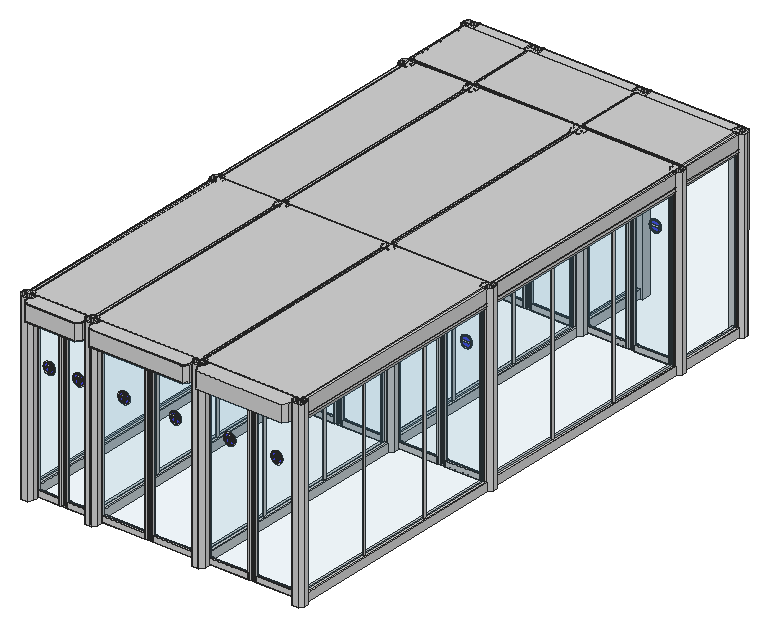
Revit family "assa_abloy_security_el_triple", category Doors, Revit 2026 (continued)
Definition of nested family "PartTriple"
  Definition of nested family "Panel"
    Forms (mm)
      Sweep 3, solid, material <- "Frames"
        profile origin (122.728, 0, 0) x (0, -1, 0) y (0, 0, 1)
          loop
            line (-15, 90) -> (-15, 20) -> (-12, 20) -> (-12, 33) -> (12, 33) -> (12, 20) -> (15, 20) -> (15, 90) -> (2, 90) -> (2, 45.4) -> (-12, 45.4) -> (-12, 90) -> (-15, 90)
      Sweep 4, solid, material <- "Rubber"
        path origin (0, 0, 0) x (1, 0, 0) y (0, 1, 0)
          loop
            line (222.457, 0) -> (33.008, 0)
        profile origin (127.733, 0, 0) x (0, -1, 0) y (0, 0, 1)
          loop
            line (-12, 20) -> (-1.235, 20) -> (-0.472, 7) -> (0.472, 7) -> (1.235, 20) -> (12, 20) -> (12, 30.5) -> (0, 30.5) -> (-12, 30.5) -> (-12, 20)
      Sweep 5, solid, material <- "Frames"
        path origin (0, 0, 2100) x (0, -1, 0) y (1, 0, 0)
          loop
            line (0, 222.457) -> (0, 23)
        profile origin (122.728, 0, 2100) x (0, -1, 0) y (0, 0, 1)
          loop
            line (-15, -77) -> (-12, -77) -> (-12, -32.4) -> (2, -32.4) -> (2, -77) -> (15, -77) -> (15, -7) -> (12, -7) -> (12, -20) -> (-12, -20) -> (-12, -7) -> (-15, -7) -> (-15, -77)
      Extrusion 6, solid, material <- "PanelGlass"
        sketch origin (0, 0, 0) x (1, 0, 0) y (0, 1, 0)
          loop
            line (230.45, 0) -> (230.45, 8) -> (15, 8) -> (15, 0) -> (230.45, 0)
        from 49 to 2064
      Sweep 7, solid, visible <- "Entry"
        path origin (0, 0, 0) x (1, 0, 0) y (0, 1, 0)
          loop
            line (122.728, 0) -> (122.728, -1.002)
        profile origin (122.728, -0.501, 0) x (1, 0, 0) y (0, 0, 1)
          loop
            circle (0, 1520) r 75
          loop
            circle (0, 1520) r 65
          loop
            line (10, 1465) -> (10, 1543.636) -> (40, 1507.883) -> (40, 1527.33) -> (0, 1575) -> (-40, 1527.33) -> (-40, 1507.883) -> (-10, 1543.636) -> (-10, 1465) -> (10, 1465)
      Sweep 8, solid, visible <- "Exit"
        path origin (0, 0, 0) x (1, 0, 0) y (0, 1, 0)
          loop
            line (122.728, 9) -> (122.728, 8)
        profile origin (122.728, 8.5, 0) x (1, 0, 0) y (0, 0, 1)
          loop
            circle (0, 1520) r 75
          loop
            circle (0, 1520) r 65
          loop
            line (55, 1530) -> (-55, 1530) -> (-55, 1510) -> (55, 1510) -> (55, 1530)
      Sweep 9, solid, visible <- "Entry"
        path origin (0, 0, 0) x (1, 0, 0) y (0, 1, 0)
          loop
            line (122.728, 0) -> (122.728, -1.002)
        profile origin (122.728, -0.501, 0) x (1, 0, 0) y (0, 0, 1)
          loop
            circle (0, 1520) r 65
          loop
            line (10, 1465) -> (10, 1543.636) -> (40, 1507.883) -> (40, 1527.33) -> (0, 1575) -> (-40, 1527.33) -> (-40, 1507.883) -> (-10, 1543.636) -> (-10, 1465) -> (10, 1465)
      Sweep 10, solid, visible <- "Exit"
        path origin (0, 0, 0) x (1, 0, 0) y (0, 1, 0)
          loop
            line (122.728, 9) -> (122.728, 8)
        profile origin (122.728, 8.5, 0) x (1, 0, 0) y (0, 0, 1)
          loop
            circle (0, 1520) r 65
          loop
            line (55, 1530) -> (-55, 1530) -> (-55, 1510) -> (55, 1510) -> (55, 1530)
      Sweep 11, solid, material <- "Frames", visible <- "RightPanel"
        path origin (0, 0, 0) x (1, 0, 0) y (0, 0, 1)
          loop
            line (273.1, 2093) -> (273.1, 20)
        profile origin (273.1, 0, 1056.5) x (0, -1, 0) y (1, 0, 0)
          loop
            line (-12.001, -39.05) -> (1.998, -39.05) -> (1.998, -50.643) -> (14.998, -50.643) -> (14.998, -35.65) -> (11.997, -16.65) -> (11.997, -2.65)
            arc (11.997, -2.65) -> (9.768, 2.472) -> (4.5, 4.332) r 7
            line (4.5, 4.332) -> (4.5, -14.15) -> (-4.5, -14.15) -> (-4.5, 4.332)
            arc (-4.5, 4.332) -> (-9.769, 2.473) -> (-11.999, -2.65) r 7
            line (-11.999, -2.65) -> (-11.999, -16.65) -> (-15.001, -35.65) -> (-15.001, -50.643) -> (-12.001, -50.643) -> (-12.001, -39.05)
    Lines and regions (mm)
      Masking region 1
        outline origin (0, 0, 0) x (1, 0, 0) y (0, 1, 0)
          loop
            arc (13.229, 15) -> (-20, 0) -> (13.229, -15) r 20
            line (13.229, -15) -> (23, -15) -> (23, 15) -> (13.229, 15)
      Masking region 2
        outline origin (0, 0, 0) x (1, 0, 0) y (0, 1, 0)
          loop
            line (23, -15) -> (222.457, -15) -> (222.457, 15) -> (23, 15) -> (23, -15)
      Masking region 3, visible <- "LeftPanel", detail levels fine
        outline origin (0, 0, 0) x (1, 0, 0) y (0, 1, 0)
          loop
            line (222.457, -14.998) -> (237.45, -14.998) -> (259.855, -11.459) -> (265.445, -4) -> (280.449, -4) -> (280.449, 4.002) -> (265.445, 4.002) -> (259.855, 11.461) -> (237.45, 15.001) -> (222.457, 15.001) -> (222.457, -14.998)
      Masking region 4, visible <- "RightPanel", detail levels fine
        outline origin (0, 0, 0) x (1, 0, 0) y (0, 1, 0)
          loop
            line (237.45, -14.998) -> (256.45, -11.997) -> (270.45, -11.997)
            arc (270.45, -11.997) -> (275.572, -9.768) -> (277.432, -4.5) r 7
            line (277.432, -4.5) -> (258.95, -4.5) -> (258.95, 4.5) -> (277.432, 4.5)
            arc (277.432, 4.5) -> (275.573, 9.769) -> (270.45, 11.999) r 7
            line (270.45, 11.999) -> (256.45, 11.999) -> (237.45, 15.001) -> (222.457, 15.001) -> (222.457, -14.998) -> (237.45, -14.998)
      Masking region 5, detail levels medium
        outline origin (0, 0, 0) x (1, 0, 0) y (0, 1, 0)
          loop
            line (273.1, -11.997) -> (273.1, 11.999) -> (256.45, 11.999) -> (237.45, 15.001) -> (222.457, 15.001) -> (222.457, -14.998) -> (237.45, -14.998) -> (256.45, -11.997) -> (273.1, -11.997)
      Masking region 6, detail levels coarse
        outline origin (0, 0, 0) x (1, 0, 0) y (0, 1, 0)
          loop
            line (222.457, -14.998) -> (273.1, -14.998) -> (273.1, 15.001) -> (222.457, 15.001) -> (222.457, -14.998)
      reference lines
        curve 1: line (0, 0, 0) -> (500, 0, 0)
        curve 2: line (0, 8, 0) -> (500, 8, 0)
        curve 3: line (273.1, 0, 0) -> (273.1, 0, 27.063)
        curve 4: line (235.45, 0, 0) -> (235.45, 0, 37.698)
        curve 5: line (230.45, 0, 0) -> (230.45, 0, 37.698)
        curve 6: line (222.457, 0, 0) -> (222.457, 0, 37.698)
        curve 7: line (122.728, 0, 0) -> (122.728, 0, 40)
        curve 8: line (30.5, 0, 0) -> (30.5, 0, 40)
        curve 9: line (23, 0, 0) -> (23, 0, 40)
        curve 10: line (15, 0, 0) -> (15, 0, 40)
        curve 11: line (0, 0, 0) -> (0, 0, 40)
        curve 12: line (235.45, 0, 0) -> (235.45, 8, 0)
        curve 13: line (230.45, 0, 0) -> (230.45, 8, 0)
        curve 14: line (222.457, 0, 0) -> (222.457, 8, 0)
        curve 15: line (122.728, 0, 0) -> (122.728, 8, 0)
        curve 16: line (30.5, 0, 0) -> (30.5, 8, 0)
        curve 17: line (23, 0, 0) -> (23, 8, 0)
        curve 18: line (15, 0, 0) -> (15, 8, 0)
        curve 19: line (0, 0, 2100) -> (500, 0, 2100)
        curve 20: line (273.1, 0, 0) -> (273.1, 8, 0)
      symbolic lines, detail levels medium+fine
        curve 21: line (234.05, -1.998, 0) -> (222.457, -1.998, 0)
        curve 22: line (234.05, 12.001, 0) -> (234.05, -1.998, 0)
        curve 23: line (222.457, 12.001, 0) -> (234.05, 12.001, 0)
        curve 24: line (23, 12, 0) -> (399.107, 12, 0)
        curve 25: line (399.107, -2, 0) -> (23, -2, 0)
        curve 26: line (23, -2, 0) -> (11.4, -2, 0)
        curve 27: line (11.4, -2, 0) -> (11.4, 12, 0)
        curve 28: line (11.4, 12, 0) -> (23, 12, 0)
        curve 33: line (222.457, -1.998, 0) -> (222.457, -14.998, 0)
        curve 34: line (222.457, 15.001, 0) -> (222.457, 12.001, 0)
        curve 35: line (23, -15, 0) -> (23, -2, 0)
        curve 36: line (23, 12, 0) -> (23, 15, 0)
      symbolic lines, detail levels fine
        curve 29: line (15, 8, 0) -> (15, 0, 0)
        curve 30: line (15, 0, 0) -> (407.1, 0, 0)
        curve 31: line (407.1, 8, 0) -> (15, 8, 0)
        curve 32: line (407.1, 0, 0) -> (407.1, 8, 0)
    Dimensions and locks
      "PassageHeight": plane 4 "Top" to plane 2
      locked: plane 4 "Top" to plane 5 at 7
      locked: plane 4 "Top" to plane 8 at 36
      curve 8 to curve 9 to curve 10 to curve 11 = 7.50 mm locked, 8.00 mm locked, 15.00 mm locked
      curve 3 to curve 4 to curve 5 to curve 6 = 37.65 mm locked, 5.00 mm locked, 7.993 mm locked
      equal spacing: curve 6, curve 7, curve 9
      "PanelWidth": curve 3 to curve 11
      "PassageHeight": curve 19 to curve 1
      "OpeningRotationAngle": angle plane 1 "Center (Front/Back)" to curve 1
      aligned and locked: level to plane 2
      aligned and locked: plane 4 "Top" to Sweep 1 sketch curve
      aligned and locked: level to Sweep 1 sketch curve
      aligned and locked: plane 5 to Sweep 2 sketch curve
      aligned and locked: plane 6 to Sweep 2 sketch curve
      aligned and locked: plane 8 to Extrusion 6
      aligned and locked: Extrusion 6 to plane 9
      aligned and locked: plane 3 "Center (Left/Right)" to curve 1
      aligned and locked: plane 1 "Center (Front/Back)" to curve 1
      aligned and locked: Sweep 3 sketch curve to curve 1
      aligned and locked: Sweep 5 sketch curve to curve 1
      aligned and locked: Sweep 1 sketch curve to curve 11
      aligned and locked: Sweep 4 sketch curve to curve 1
      aligned and locked: Sweep 2 sketch curve to curve 3
      aligned and locked: Sweep 3 sketch curve to curve 14
      aligned and locked: Sweep 3 sketch curve to curve 17
      aligned and locked: Extrusion 6 to curve 5
      aligned and locked: Sweep 7 sketch curve to curve 15
      aligned and locked: Sweep 9 sketch curve to curve 15
      aligned and locked: Sweep 8 sketch curve to curve 15
      aligned and locked: Sweep 10 sketch curve to curve 15
      aligned and locked: Sweep 11 sketch curve to curve 3
      aligned and locked: plane 6 to Sweep 11 sketch curve
      aligned and locked: plane 5 to Sweep 11 sketch curve
      aligned and locked: Sweep 5 sketch curve to curve 14
      aligned and locked: Sweep 4 sketch curve to curve 14
      aligned and locked: Masking region 1 sketch curve to Sweep 1  (x3)
      aligned and locked: Masking region 2 sketch curve to Sweep 3  (x2)
      aligned and locked: Masking region 2 sketch curve to curve 17
      aligned and locked: Masking region 2 sketch curve to curve 14
      aligned and locked: Masking region 1 sketch curve to curve 17
      aligned and locked: Masking region 3 sketch curve to curve 14
      aligned and locked: Masking region 3 sketch curve to Sweep 2  (x9)
      aligned and locked: Masking region 4 sketch curve to Sweep 11  (x10)
      aligned and locked: Masking region 4 sketch curve to curve 14
      aligned and locked: Masking region 5 sketch curve to curve 20
      aligned and locked: Masking region 5 sketch curve to Sweep 11  (x6)
      aligned and locked: Masking region 5 sketch curve to curve 14
      aligned and locked: Masking region 6 sketch curve to curve 14
      aligned and locked: Masking region 6 sketch curve to Sweep 11  (x2)
      aligned and locked: Masking region 6 sketch curve to curve 20
      aligned and locked: curve 21 to Sweep 11
      aligned and locked: curve 22 to Sweep 11
      aligned and locked: curve 23 to Sweep 11
      aligned and locked: curve 24 to Sweep 3
      aligned and locked: curve 25 to Sweep 3
      aligned and locked: curve 26 to Sweep 1
      aligned and locked: curve 27 to Sweep 1
      aligned and locked: curve 28 to Sweep 1
      aligned and locked: curve 29 to Extrusion 6
      aligned and locked: curve 30 to Extrusion 6
      aligned and locked: curve 31 to Extrusion 6
      aligned and locked: curve 33 to Sweep 11
      aligned and locked: curve 34 to Sweep 11
      aligned and locked: curve 35 to Sweep 1
      aligned and locked: curve 36 to Sweep 1
    Automatic sketch dimensions
      Sweep 4 sketch curve to profile plane = 0.00 mm
      profile plane to Sweep 4 sketch curve = 0.472 mm
      Sweep 4 sketch curve to profile plane = 1.235 mm
      level to Sweep 4 sketch curve = 7.00 mm
      Sweep 4 sketch curve to Sweep 4 sketch curve = 0.00 mm
      Sweep 4 sketch curve to Sweep 4 sketch curve = 10.50 mm
      Sweep 4 sketch curve to profile plane = 0.472 mm
      profile plane to Sweep 4 sketch curve = 1.235 mm
      Sweep 4 sketch curve to Sweep 4 sketch curve = 10.765 mm  (x2)
      Sweep 4 sketch curve to Sweep 4 sketch curve = 13.00 mm
      profile plane to Sweep 3 sketch curve = 15.00 mm
      Sweep 3 sketch curve to Sweep 3 sketch curve = 3.00 mm  (x3)
      Sweep 3 sketch curve to profile plane = 2.00 mm
      Sweep 3 sketch curve to profile plane = 12.00 mm
      level to Sweep 3 sketch curve = 20.00 mm  (x2)
      Sweep 3 sketch curve to Sweep 3 sketch curve = 13.00 mm
      Sweep 3 sketch curve to Sweep 3 sketch curve = 12.40 mm
      Sweep 3 sketch curve to Sweep 3 sketch curve = 44.60 mm
      Sweep 3 sketch curve to Sweep 3 sketch curve = 0.00 mm
      profile plane to Sweep 5 sketch curve = 15.00 mm
      Sweep 5 sketch curve to Sweep 5 sketch curve = 3.00 mm  (x3)
      Sweep 5 sketch curve to profile plane = 2.00 mm
      Sweep 5 sketch curve to profile plane = 12.00 mm
      Sweep 5 sketch curve to plane 4 "Top" = 77.00 mm
      Sweep 5 sketch curve to Sweep 5 sketch curve = 0.00 mm
      Sweep 5 sketch curve to plane 4 "Top" = 32.40 mm
      Sweep 5 sketch curve to Sweep 5 sketch curve = 12.40 mm
      Sweep 5 sketch curve to plane 4 "Top" = 7.00 mm  (x2)
      Sweep 7 sketch curve to Sweep 7 sketch curve = 0.00 mm  (x3)
      profile plane to Sweep 7 sketch curve = 0.00 mm  (x2)
      profile plane to Sweep 7 sketch curve = 10.00 mm
      Sweep 7 sketch curve to Sweep 7 sketch curve = 30.00 mm
      Sweep 7 sketch curve to profile plane = 10.00 mm
      Sweep 7 sketch curve to profile plane = 40.00 mm
      level to Sweep 7 sketch curve = 1465.00 mm
      Sweep 7 sketch curve to Sweep 7 sketch curve = 42.883 mm  (x2)
      Sweep 7 sketch curve to Sweep 7 sketch curve = 12.117 mm
      Sweep 7 sketch curve to Sweep 7 sketch curve = 19.447 mm  (x2)
      Sweep 7 sketch curve to Sweep 7 sketch curve = 23.636 mm
      Sweep 7 sketch curve to Sweep 7 sketch curve = 31.364 mm
      Sweep 8 sketch curve to Sweep 8 sketch curve = 0.00 mm  (x2)
      profile plane to Sweep 8 sketch curve = 0.00 mm
      Sweep 8 sketch curve to Sweep 8 sketch curve = 10.00 mm
      Sweep 8 sketch curve to Sweep 8 sketch curve = 20.00 mm
      profile plane to Sweep 8 sketch curve = 55.00 mm
      Sweep 8 sketch curve to profile plane = 55.00 mm
      level to Sweep 8 sketch curve = 1510.00 mm
      profile plane to Sweep 9 sketch curve = 0.00 mm  (x2)
      profile plane to Sweep 9 sketch curve = 10.00 mm
      profile plane to Sweep 9 sketch curve = 40.00 mm
      Sweep 9 sketch curve to profile plane = 10.00 mm
      Sweep 9 sketch curve to profile plane = 40.00 mm
      level to Sweep 9 sketch curve = 1465.00 mm
      Sweep 9 sketch curve to Sweep 9 sketch curve = 42.883 mm  (x2)
      Sweep 9 sketch curve to Sweep 9 sketch curve = 12.117 mm
      Sweep 9 sketch curve to Sweep 9 sketch curve = 19.447 mm  (x2)
      Sweep 9 sketch curve to Sweep 9 sketch curve = 0.00 mm
      Sweep 9 sketch curve to Sweep 9 sketch curve = 31.364 mm
      Sweep 9 sketch curve to Sweep 9 sketch curve = 23.636 mm
      profile plane to Sweep 10 sketch curve = 0.00 mm
      profile plane to Sweep 10 sketch curve = 55.00 mm
      Sweep 10 sketch curve to profile plane = 55.00 mm
      level to Sweep 10 sketch curve = 1510.00 mm
      Sweep 10 sketch curve to Sweep 10 sketch curve = 10.00 mm
      Sweep 10 sketch curve to Sweep 10 sketch curve = 20.00 mm
      curve 1 to Extrusion 6 sketch curve = 0.00 mm
      curve 1 to Extrusion 6 sketch curve = 15.00 mm
      Extrusion 6 sketch curve to curve 1 = 8.00 mm
      Extrusion 6 sketch curve to Extrusion 6 sketch curve = 215.45 mm
      curve 1 to Sweep 7 sketch curve = 0.00 mm
      curve 1 to Sweep 7 sketch curve = 1.002 mm
      Sweep 8 sketch curve to curve 1 = 8.00 mm
      Sweep 8 sketch curve to Sweep 8 sketch curve = 1.00 mm
      curve 1 to Sweep 9 sketch curve = 0.00 mm
      curve 1 to Sweep 9 sketch curve = 1.002 mm
      Sweep 10 sketch curve to curve 1 = 8.00 mm
      Sweep 10 sketch curve to Sweep 10 sketch curve = 1.00 mm
      curve 2 to curve 1 = 0.00 mm  (x2)
      curve 1 to curve 2 = 8.00 mm
      Sweep 1 sketch curve to profile plane = 0.00 mm
      profile plane to Sweep 1 sketch curve = 0.00 mm
      Sweep 1 sketch curve to profile plane = 12.00 mm
      Sweep 1 sketch curve to Sweep 1 sketch curve = 3.00 mm
      profile plane to Sweep 1 sketch curve = 2.00 mm
      Sweep 1 sketch curve to Sweep 1 sketch curve = 13.00 mm
      Sweep 1 sketch curve to profile plane = 11.40 mm
      Sweep 1 sketch curve to Sweep 1 sketch curve = 1.829 mm
      Sweep 1 sketch curve to Sweep 1 sketch curve = 9.771 mm  (x2)
      Sweep 2 sketch curve to profile plane = 15.001 mm
      Sweep 2 sketch curve to Sweep 2 sketch curve = 3.001 mm
      Sweep 2 sketch curve to profile plane = 11.461 mm
      Sweep 2 sketch curve to profile plane = 4.002 mm
      profile plane to Sweep 2 sketch curve = 1.998 mm
      profile plane to Sweep 2 sketch curve = 4.00 mm
      Sweep 2 sketch curve to Sweep 2 sketch curve = 7.459 mm
      Sweep 2 sketch curve to Sweep 2 sketch curve = 13.00 mm
      profile plane to Sweep 2 sketch curve = 50.643 mm
      Sweep 2 sketch curve to Sweep 2 sketch curve = 0.00 mm
      Sweep 2 sketch curve to Sweep 2 sketch curve = 11.593 mm
      Sweep 2 sketch curve to Sweep 2 sketch curve = 3.40 mm  (x2)
      profile plane to Sweep 2 sketch curve = 13.245 mm  (x2)
      profile plane to Sweep 2 sketch curve = 7.655 mm  (x2)
      Sweep 2 sketch curve to profile plane = 7.349 mm
      curve 1 to Sweep 4 sketch curve = 33.008 mm
      curve 4 to curve 12 = 0.00 mm
      curve 12 to curve 4 = 8.00 mm
      curve 12 to curve 4 = 0.00 mm
      curve 5 to curve 13 = 0.00 mm
      curve 13 to curve 5 = 8.00 mm
      curve 13 to curve 5 = 0.00 mm
      curve 6 to curve 14 = 0.00 mm
      curve 14 to curve 6 = 8.00 mm
      curve 14 to curve 6 = 0.00 mm
      curve 7 to curve 15 = 0.00 mm
      curve 15 to curve 7 = 8.00 mm
      curve 15 to curve 7 = 0.00 mm
      curve 8 to curve 16 = 0.00 mm
      curve 16 to curve 8 = 8.00 mm
      curve 16 to curve 8 = 0.00 mm
      curve 9 to curve 17 = 0.00 mm
      curve 17 to curve 9 = 8.00 mm
      curve 17 to curve 9 = 0.00 mm
      curve 10 to curve 18 = 0.00 mm
      curve 18 to curve 10 = 8.00 mm
      curve 18 to curve 10 = 0.00 mm
      Sweep 11 sketch curve to profile plane = 15.001 mm
      Sweep 11 sketch curve to Sweep 11 sketch curve = 3.00 mm
      profile plane to Sweep 11 sketch curve = 2.65 mm  (x2)
      Sweep 11 sketch curve to profile plane = 11.999 mm
      Sweep 11 sketch curve to profile plane = 4.999 mm
      Sweep 11 sketch curve to profile plane = 4.50 mm
      profile plane to Sweep 11 sketch curve = 1.998 mm
      profile plane to Sweep 11 sketch curve = 4.50 mm
      profile plane to Sweep 11 sketch curve = 4.997 mm
      Sweep 11 sketch curve to Sweep 11 sketch curve = 7.00 mm
      Sweep 11 sketch curve to Sweep 11 sketch curve = 13.00 mm
      Sweep 11 sketch curve to Sweep 11 sketch curve = 11.50 mm
      Sweep 11 sketch curve to Sweep 11 sketch curve = 2.50 mm  (x2)
      Sweep 11 sketch curve to Sweep 11 sketch curve = 19.00 mm  (x2)
      Sweep 11 sketch curve to Sweep 11 sketch curve = 3.40 mm
      Sweep 11 sketch curve to Sweep 11 sketch curve = 11.593 mm
      Sweep 11 sketch curve to Sweep 11 sketch curve = 14.993 mm
      curve 19 to Sweep 5 sketch curve = 23.00 mm
      curve 3 to curve 20 = 0.00 mm
      curve 20 to curve 3 = 8.00 mm
      curve 20 to curve 3 = 0.00 mm
      curve 23 to curve 24 = 176.65 mm
      curve 21 to curve 25 = 176.65 mm
      curve 1 to curve 29 = 0.00 mm
      curve 27 to curve 29 = 3.60 mm
      curve 21 to curve 30 = 173.05 mm
      curve 29 to curve 27 = 4.00 mm
      curve 33 to curve 25 = 12.998 mm
      curve 23 to curve 34 = 3.00 mm
      curve 35 to curve 25 = 13.00 mm
      curve 36 to curve 36 = 3.00 mm
      curve 11 to curve 1 = 0.00 mm  (x2)
      curve 19 to curve 1 = 0.00 mm  (x2)
      curve 3 to curve 1 = 0.00 mm
      curve 4 to curve 1 = 0.00 mm
      curve 10 to curve 1 = 0.00 mm
      curve 5 to curve 1 = 0.00 mm
      curve 9 to curve 1 = 0.00 mm
      curve 6 to curve 1 = 0.00 mm
      curve 8 to curve 1 = 0.00 mm
      curve 7 to curve 1 = 0.00 mm
      curve 1 to curve 11 = 40.00 mm
      curve 3 to curve 1 = 27.063 mm
      curve 6 to curve 1 = 37.698 mm
      curve 5 to curve 6 = 0.00 mm
      curve 4 to curve 5 = 0.00 mm
      curve 7 to curve 1 = 40.00 mm
      curve 1 to curve 10 = 40.00 mm
      curve 9 to curve 10 = 0.00 mm
      curve 8 to curve 9 = 0.00 mm
      radius of Sweep 7 sketch curve = 75.00 mm
      radius of Sweep 7 sketch curve = 65.00 mm
      radius of Sweep 8 sketch curve = 75.00 mm
      radius of Sweep 8 sketch curve = 65.00 mm
      radius of Sweep 9 sketch curve = 65.00 mm
      radius of Sweep 10 sketch curve = 65.00 mm
